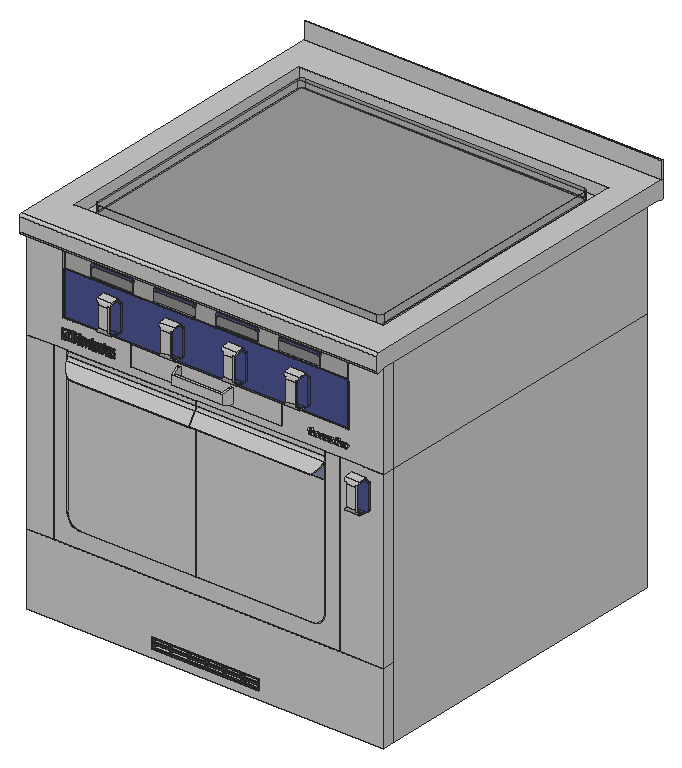
Revit family "QF_ELECTROLUXPROFESSIONAL_588467_MALQFBH4AO", category Attrezzature speciali, Revit 2020
Family settings
  Quota connettore circolare = Usa diametro
  Tipo di parte = Normale
  Basato su piano di lavoro = No
  Sempre verticale = Sì
  Taglio con vuoti quando caricato = No
  Condiviso = No
  Punto di calcolo locali = No
Parameters (values of type "Standard")
  Weight = 143.00 kg
  Watts = 14300 W
  Volts = 400 V
  URL Manufacturer = "https://www.electroluxprofessional.com/"
  URL = "https://www.electroluxprofessional.com/"
  Steam Supply Size = 0"
  Steam Supply Minimum Pressure = 0.00 psi
  Steam Supply Maximum Pressure = 0.00 psi
  Steam Consumption per Hour = 0
  Refrigeration Suction Line Size = 0 mm
  Refrigeration Liquid Line Size = 0 mm
  Refrigerant Compressor Remote = yes
  Prospetto di default = 0 mm
  Phase = 3
  Modello = "MALQFBH4AO"
  Produttore = "Electrolux Professional"
  Length Actual = 800 mm  # constant formula
  Item Number = "588467"
  Hot Water Size = 0"
  Height Actual = 800 mm  # constant formula
  HP = "19.2 HP"
  Gas Size = 0"
  Gas KW = 0
  Gas Input Pressure = 0.0 Btu/h
  Direct Waste Size = 0"
  Descrizione = "EL.SOLID T,ECO,WARM.CAB.1S,BS,800X800X8"
  Depth Actual = 800 mm  # constant formula
  Cycle = 50 Hz
  Condensate Return Size = 0"
  Compressed Air Volume = 0 GPM
  Compressed Air Size = 0"
  Compressed Air Pressure = 0.00 psi
  Cold Water Size = 0"
  Accessory = yes
Reference planes
  plane 1 "BACK": y = 0
  plane 2: z = 0
  plane 3 "LEFT": x = 0
  plane 4 "RIGHT": x = 800
  plane 5 "FRONT": y = -800
  plane 6 "TOP": z = 900
  plane 7 "Center (Left/Right)": x = 400
  plane 8: y = -400
  plane 9: z = 100
  plane 10: y = -150
  plane 11 "Panel": y = -755
  plane 12: z = 798
  plane 13: z = 1327
  plane 14: x = 78
  plane 15: x = 722
  plane 16: y = -150
  plane 17: y = -650
  plane 18 "EIx": x = 755
  plane 19 "EIy": y = -585
  plane 20: x = 380
  plane 21 "BASE_TOP": z = 650
  plane 22: x = 60
  plane 23: x = 700
  plane 24: z = 260
  plane 25: z = 938
Forms (mm)
  Extrusion 1, solid, material "QF_Finishes_Stainless Steel"
    sketch origin (-178.969, -4571, 100) x (-1, 0, 0) y (0, -1, 0)
      loop
        line (-178.969, -4526) -> (-178.969, -3816) -> (-978.969, -3816) -> (-978.969, -4526) -> (-178.969, -4526)
    from 550 to 763
  Extrusion 2, solid, material "QF_Finishes_Stainless Steel"
    sketch origin (0, 0, 0) x (0, 1, 0) y (0, 0, 1)
      loop
        line (-755, 100) -> (-755, 260) -> (-780, 260) -> (-780, 100) -> (-755, 100)
    from 0 to 800
  Extrusion 3, solid, material "QF_Finishes_Stainless Steel"
    sketch origin (-588.969, -4562, 100) x (-1, 0, 0) y (0, -1, 0)
      loop
        circle (-1343.969, -3977) r 6.35
    from 0 to -11.851
  Extrusion 4, solid, material "QF_Finishes_Stainless Steel"
    sketch origin (400, 296.4, 1219.2) x (0, 1, 0) y (0, 0, 1)
      loop
        line (-296.4, -319.2) -> (-1091.4, -319.2)
        arc (-1091.4, -319.2) -> (-1094.935, -320.664) -> (-1096.4, -324.2) r 5
        line (-1096.4, -324.2) -> (-1096.4, -355.2)
        arc (-1096.4, -355.2) -> (-1094.971, -358.264) -> (-1091.705, -359.139) r 4
        line (-1091.705, -359.139) -> (-1076.4, -356.231) -> (-316.4, -356.231) -> (-301.094, -359.139)
        arc (-301.094, -359.139) -> (-297.829, -358.264) -> (-296.4, -355.2) r 4
        line (-296.4, -355.2) -> (-296.4, -319.2)
    from -400 to 400
  Extrusion 5, solid, material "QF_Finishes_Electrolux_Black Smoke Iluminated"
    sketch origin (0, 0, 900) x (-1, 0, 0) y (0, -1, 0)
      loop
        arc (-88, 109) -> (-80.929, 111.929) -> (-78, 119) r 10
        line (-78, 119) -> (-78, 680)
        arc (-78, 680) -> (-80.929, 687.071) -> (-88, 690) r 10
        line (-88, 690) -> (-712, 690)
        arc (-712, 690) -> (-719.071, 687.071) -> (-722, 680) r 10
        line (-722, 680) -> (-722, 119)
        arc (-722, 119) -> (-719.071, 111.929) -> (-712, 109) r 10
        line (-712, 109) -> (-88, 109)
    from 0 to -20
  Extrusion 6, solid, material "QF_Finishes_Stainless Steel"
    sketch origin (-178.969, -4571, 100) x (-1, 0, 0) y (0, -1, 0)
      loop
        line (-178.969, -4526) -> (-178.969, -3816) -> (-978.969, -3816) -> (-978.969, -4526) -> (-178.969, -4526)
    from 550 to 0
  Extrusion 7, void
    sketch origin (0, -755, 0) x (-1, 0, 0) y (0, 0, 1)
      loop
        line (-520, 116.594) -> (-280, 116.594) -> (-280, 141.594) -> (-520, 141.594) -> (-520, 116.594)
    from 0 to -25
  Extrusion 8, solid, material "QF_Finishes_Black"
    sketch origin (0, -755, 0) x (-1, 0, 0) y (0, 0, 1)
      loop
        line (-280, 141.594) -> (-520, 141.594) -> (-520, 116.594) -> (-280, 116.594) -> (-280, 141.594)
      loop
        line (-282, 139.594) -> (-319.131, 139.594) -> (-319.131, 130.094) -> (-282, 130.094) -> (-282, 139.594)
      loop
        line (-282, 118.594) -> (-282, 128.094) -> (-319.131, 128.094) -> (-319.131, 118.594) -> (-282, 118.594)
      loop
        line (-321.131, 139.594) -> (-359.066, 139.594) -> (-359.066, 130.094) -> (-321.131, 130.094) -> (-321.131, 139.594)
      loop
        line (-399, 139.594) -> (-399, 130.094) -> (-361.066, 130.094) -> (-361.066, 139.594) -> (-399, 139.594)
      loop
        line (-401, 139.594) -> (-438.934, 139.594) -> (-438.934, 130.094) -> (-401, 130.094) -> (-401, 139.594)
      loop
        line (-359.066, 118.594) -> (-321.131, 118.594) -> (-321.131, 128.094) -> (-359.066, 128.094) -> (-359.066, 118.594)
      loop
        line (-361.066, 118.594) -> (-361.066, 128.094) -> (-399, 128.094) -> (-399, 118.594) -> (-361.066, 118.594)
      loop
        line (-401, 128.094) -> (-438.934, 128.094) -> (-438.934, 118.594) -> (-401, 118.594) -> (-401, 128.094)
      loop
        line (-518, 139.594) -> (-518, 130.094) -> (-480.869, 130.094) -> (-480.869, 139.594) -> (-518, 139.594)
      loop
        line (-518, 118.594) -> (-480.869, 118.594) -> (-480.869, 128.094) -> (-518, 128.094) -> (-518, 118.594)
      loop
        line (-478.869, 139.594) -> (-478.869, 130.094) -> (-440.934, 130.094) -> (-440.934, 139.594) -> (-478.869, 139.594)
      loop
        line (-440.934, 118.594) -> (-440.934, 128.094) -> (-478.869, 128.094) -> (-478.869, 118.594) -> (-440.934, 118.594)
    from -25.03 to -20
  Extrusion 9, void
    sketch origin (0, 0, 900) x (-1, 0, 0) y (0, -1, 0)
      loop
        line (-53, 715) -> (-747, 715) -> (-747, 84) -> (-53, 84) -> (-53, 715)
    from 0 to -25
  Extrusion 10, solid, material "QF_Finishes_Stainless Steel"
    sketch origin (0, 0, 900) x (-1, 0, 0) y (0, -1, 0)
      loop
        line (-82, 113) -> (-82, 686) -> (-718, 686) -> (-718, 113) -> (-82, 113)
    from -20 to -25
  Extrusion 11, solid, material "QF_Finishes_Stainless Steel"
    sketch origin (0, -755, 0) x (-1, 0, 0) y (0, 0, 1)
      loop
        line (0, 260) -> (0, 650) -> (-60, 650) -> (-60, 260) -> (0, 260)
    from 0 to -25.03
  Extrusion 12, solid, material "QF_Finishes_Stainless Steel"
    sketch origin (0, -755, 0) x (-1, 0, 0) y (0, 0, 1)
      loop
        line (-700, 260) -> (-700, 650) -> (-800, 650) -> (-800, 260) -> (-700, 260)
    from 0 to -25.03
  Extrusion 13, solid, material "QF_Finishes_Stainless Steel"
    sketch origin (70, -755, 0) x (-1, 0, 0) y (0, 0, 1)
      loop
        line (10, 260) -> (10, 650) -> (-20, 650) -> (-20, 325)
        arc (-20, 325) -> (-28.787, 303.787) -> (-50, 295) r 30
        line (-50, 295) -> (-570, 295)
        arc (-570, 295) -> (-591.213, 303.787) -> (-600, 325) r 30
        line (-600, 325) -> (-600, 650) -> (-630, 650) -> (-630, 260) -> (10, 260)
    from 0 to -25.03
  Extrusion 14, solid, material "QF_Finishes_Stainless Steel"
    sketch origin (400, 296.4, 1219.2) x (0, 1, 0) y (0, 0, 1)
      loop
        line (-296.4, -281.2) -> (-298.4, -281.2) -> (-298.4, -319.2) -> (-296.4, -319.2) -> (-296.4, -281.2)
    from -400 to 400
Cuts and joins
  Extrusion 7 cuts Extrusion 6
  Extrusion 7 cuts Extrusion 2
  Extrusion 9 cuts Extrusion 4
Lines and regions (mm)
  symbolic lines
    curve 1: line (0, 0, 100) -> (800, 0, 100)
    curve 2: line (0, -800, 100) -> (0, 0, 100)
    curve 3: line (800, -800, 100) -> (0, -800, 100)
    curve 4: line (800, 0, 100) -> (800, -800, 100)
    curve 5: line (712, -109, 100) -> (88, -109, 100)
    curve 6: line (78, -119, 100) -> (78, -680, 100)
    curve 7: line (88, -690, 100) -> (712, -690, 100)
    curve 8: line (722, -680, 100) -> (722, -119, 100)
    curve 9: arc (88, -109, 100) -> (80.929, -111.929, 100) -> (78, -119, 100) r 10
    curve 10: arc (722, -119, 100) -> (719.071, -111.929, 100) -> (712, -109, 100) r 10
    curve 11: arc (712, -690, 100) -> (719.071, -687.071, 100) -> (722, -680, 100) r 10
    curve 12: arc (78, -680, 100) -> (80.929, -687.071, 100) -> (88, -690, 100) r 10
    curve 13: line (747, -84, 900) -> (53, -84, 900)
    curve 14: line (53, -84, 900) -> (53, -715, 900)
    curve 15: line (747, -715, 900) -> (747, -84, 900)
    curve 16: line (53, -715, 900) -> (747, -715, 900)
    curve 33: line (0, -2, 900) -> (800, -2, 900)
  model lines, style "SpecialityEquipment"
    curve 17: arc (584, -161, 900) -> (530.967, -289.033, 900) -> (659, -236, 900) r 75
    curve 18: line (639, -236, 900) -> (679, -236, 900)
    curve 19: line (679, -236, 900) -> (659, -216, 900)
    curve 20: line (639, -236, 900) -> (659, -216, 900)
    curve 21: arc (216, -161, 900) -> (162.967, -289.033, 900) -> (291, -236, 900) r 75
    curve 22: line (271, -236, 900) -> (311, -236, 900)
    curve 23: line (311, -236, 900) -> (291, -216, 900)
    curve 24: line (271, -236, 900) -> (291, -216, 900)
    curve 25: arc (584, -489, 900) -> (530.967, -617.033, 900) -> (659, -564, 900) r 75
    curve 26: line (639, -564, 900) -> (679, -564, 900)
    curve 27: line (679, -564, 900) -> (659, -544, 900)
    curve 28: line (639, -564, 900) -> (659, -544, 900)
    curve 29: arc (216, -489, 900) -> (162.967, -617.033, 900) -> (291, -564, 900) r 75
    curve 30: line (271, -564, 900) -> (311, -564, 900)
    curve 31: line (311, -564, 900) -> (291, -544, 900)
    curve 32: line (271, -564, 900) -> (291, -544, 900)
Dimensions and locks
  plane 3 "LEFT" to plane 4 "RIGHT" = 800 mm
  plane 5 "FRONT" to plane 1 "BACK" = 800 mm
  equal spacing: plane 3 "LEFT", plane 7 "Center (Left/Right)", plane 4 "RIGHT"
  equal spacing: plane 5 "FRONT", plane 8, plane 1 "BACK"
  plane 9 to level = 100 mm
  plane 1 "BACK" to plane 10 to plane 11 "Panel" = 150 mm, 605 mm  (x2)
  plane 6 "TOP" to plane 9 to level = 800 mm, 100 mm
  plane 6 "TOP" to level = 900 mm
  plane 1 "BACK" to plane 5 "FRONT" = 800 mm
  plane 1 "BACK" to Extrusion 3 = 585 mm
  plane 12 to plane 9 = 698 mm
  plane 13 to plane 6 "TOP" = 427 mm
  plane 6 "TOP" to plane 12 = 102 mm
  plane 14 to plane 3 "LEFT" = 78 mm
  plane 15 to plane 4 "RIGHT" = 78 mm
  locked: plane 1 "BACK" to plane 16 at 150
  locked: plane 16 to plane 17 at 500
  plane 11 "Panel" to plane 5 "FRONT" = 45 mm
  plane 18 "EIx" to plane 4 "RIGHT" = 45 mm
  plane 19 "EIy" to plane 1 "BACK" = 585 mm
  plane 7 "Center (Left/Right)" to plane 20 = 20 mm
  locked: plane 22 to plane 3 "LEFT" at 60
  plane 23 to plane 4 "RIGHT" = 100 mm
  plane 6 "TOP" to plane 21 "BASE_TOP" to plane 9 to level = 250 mm, 550 mm, 100 mm
  plane 1 "BACK" to Extrusion 14 sketch curve = 2 mm
  plane 25 to plane 6 "TOP" = 38 mm
  aligned and locked: level to plane 2
  aligned and locked: Extrusion 2 to plane 4 "RIGHT"
  aligned and locked: Extrusion 12 to plane 4 "RIGHT"
  aligned and locked: Extrusion 12 to plane 23
  aligned and locked: plane 21 "BASE_TOP" to Extrusion 12
  aligned and locked: Extrusion 12 to plane 24
  aligned and locked: Extrusion 11 to plane 3 "LEFT"
  aligned and locked: plane 22 to Extrusion 11
  aligned and locked: Extrusion 11 to plane 24
  aligned and locked: Extrusion 13 sketch curve to plane 22
  aligned and locked: Extrusion 13 sketch curve to plane 23
  aligned and locked: Extrusion 13 sketch curve to plane 21 "BASE_TOP"
  aligned and locked: plane 6 "TOP" to Extrusion 14 sketch curve
  aligned and locked: Extrusion 14 sketch curve to plane 25
  aligned and locked: Extrusion 14 to plane 3 "LEFT"
  aligned and locked: Extrusion 14 to plane 4 "RIGHT"
  aligned and locked: plane 24 to cut or joined group of Extrusion 2, Extrusion 7
Automatic sketch dimensions
  Extrusion 1 sketch curve to plane 4 "RIGHT" = 0 mm
  Extrusion 1 sketch curve to plane 3 "LEFT" = 0 mm
  plane 11 "Panel" to Extrusion 1 sketch curve = 0 mm
  plane 1 "BACK" to Extrusion 1 sketch curve = 45 mm
  Extrusion 2 sketch curve to plane 9 = 0 mm
  Extrusion 2 sketch curve to plane 11 "Panel" = 0 mm
  plane 24 to Extrusion 2 sketch curve = 0 mm
  Extrusion 2 sketch curve to plane 5 "FRONT" = 20 mm
  plane 1 "BACK" to curve 1 = 0 mm
  curve 1 to plane 4 "RIGHT" = 0 mm
  curve 8 to plane 15 = 0 mm
  curve 6 to plane 14 = 0 mm
  curve 2 to plane 3 "LEFT" = 0 mm
  plane 5 "FRONT" to curve 3 = 0 mm
  plane 15 to curve 5 = 10 mm
  curve 11 to curve 11 = 10 mm
  curve 5 to plane 14 = 10 mm
  curve 12 to curve 6 = 10 mm
  plane 10 to curve 5 = 41 mm
  plane 17 to curve 11 = 30 mm
  Extrusion 3 sketch curve to plane 18 "EIx" = 0 mm
  Extrusion 3 sketch curve to plane 19 "EIy" = 0 mm
  Extrusion 4 sketch curve to plane 5 "FRONT" = 0 mm
  Extrusion 4 sketch curve to plane 6 "TOP" = 0 mm
  Extrusion 4 sketch curve to plane 1 "BACK" = 0 mm
  Extrusion 4 sketch curve to plane 5 "FRONT" = 4 mm
  Extrusion 4 sketch curve to Extrusion 4 sketch curve = 0.695 mm
  Extrusion 4 sketch curve to plane 5 "FRONT" = 5 mm
  Extrusion 4 sketch curve to Extrusion 4 sketch curve = 15.305 mm
  plane 1 "BACK" to Extrusion 4 sketch curve = 20 mm
  plane 1 "BACK" to Extrusion 4 sketch curve = 4.695 mm
  Extrusion 4 sketch curve to Extrusion 4 sketch curve = 4 mm
  Extrusion 4 sketch curve to Extrusion 4 sketch curve = 31 mm
  Extrusion 4 sketch curve to plane 6 "TOP" = 36 mm
  Extrusion 4 sketch curve to Extrusion 4 sketch curve = 2.909 mm
  Extrusion 5 sketch curve to plane 15 = 0 mm
  Extrusion 5 sketch curve to plane 14 = 0 mm
  plane 15 to Extrusion 5 sketch curve = 10 mm  (x2)
  Extrusion 5 sketch curve to Extrusion 5 sketch curve = 10 mm  (x2)
  plane 10 to Extrusion 5 sketch curve = 41 mm
  plane 17 to Extrusion 5 sketch curve = 30 mm
  Extrusion 6 sketch curve to plane 4 "RIGHT" = 0 mm
  Extrusion 6 sketch curve to plane 3 "LEFT" = 0 mm
  plane 11 "Panel" to Extrusion 6 sketch curve = 0 mm
  plane 1 "BACK" to Extrusion 6 sketch curve = 45 mm
  plane 9 to Extrusion 7 sketch curve = 41.594 mm
  plane 7 "Center (Left/Right)" to Extrusion 7 sketch curve = 120 mm
  Extrusion 7 sketch curve to plane 20 = 100 mm
  plane 9 to Extrusion 7 sketch curve = 16.594 mm
  plane 9 to Extrusion 8 sketch curve = 41.594 mm
  plane 7 "Center (Left/Right)" to Extrusion 8 sketch curve = 120 mm
  Extrusion 8 sketch curve to Extrusion 8 sketch curve = 2 mm  (x16)
  Extrusion 8 sketch curve to Extrusion 8 sketch curve = 0 mm  (x15)
  Extrusion 8 sketch curve to Extrusion 8 sketch curve = 37.131 mm  (x2)
  Extrusion 8 sketch curve to Extrusion 8 sketch curve = 37.934 mm  (x2)
  plane 7 "Center (Left/Right)" to Extrusion 8 sketch curve = 1 mm  (x2)
  Extrusion 8 sketch curve to plane 7 "Center (Left/Right)" = 1 mm  (x2)
  Extrusion 8 sketch curve to plane 20 = 18.934 mm
  plane 9 to Extrusion 8 sketch curve = 18.594 mm  (x4)
  Extrusion 8 sketch curve to Extrusion 8 sketch curve = 9.5 mm  (x6)
  plane 18 "EIx" to Extrusion 9 sketch curve = 8 mm
  Extrusion 9 sketch curve to plane 22 = 7 mm
  plane 10 to Extrusion 9 sketch curve = 66 mm
  plane 11 "Panel" to Extrusion 9 sketch curve = 40 mm
  plane 15 to Extrusion 10 sketch curve = 4 mm
  Extrusion 10 sketch curve to plane 14 = 4 mm
  plane 10 to Extrusion 10 sketch curve = 37 mm
  plane 17 to Extrusion 10 sketch curve = 36 mm
  plane 18 "EIx" to curve 16 = 8 mm
  curve 19 to plane 23 = 21 mm
  curve 27 to plane 23 = 21 mm
  curve 26 to curve 27 = 20 mm
  curve 18 to curve 20 = 20 mm
  curve 19 to curve 20 = 20 mm
  curve 27 to curve 26 = 20 mm
  curve 18 to curve 17 = 55 mm
  curve 26 to curve 25 = 55 mm
  curve 31 to plane 20 = 69 mm
  curve 23 to plane 20 = 69 mm
  curve 22 to curve 24 = 20 mm
  curve 30 to curve 31 = 20 mm
  curve 31 to curve 32 = 20 mm
  curve 23 to curve 24 = 20 mm
  curve 22 to curve 21 = 55 mm
  curve 30 to curve 29 = 55 mm
  curve 14 to plane 22 = 7 mm
  curve 22 to plane 10 = 86 mm
  curve 18 to plane 10 = 86 mm
  plane 10 to curve 13 = 66 mm
  plane 11 "Panel" to curve 15 = 40 mm
  curve 25 to curve 26 = 20 mm
  curve 17 to curve 18 = 20 mm
  curve 29 to curve 30 = 20 mm
  curve 21 to curve 22 = 20 mm
  Extrusion 11 sketch curve to plane 22 = 0 mm
  Extrusion 11 sketch curve to plane 3 "LEFT" = 0 mm
  Extrusion 11 sketch curve to plane 24 = 0 mm
  Extrusion 11 sketch curve to plane 21 "BASE_TOP" = 0 mm
  plane 4 "RIGHT" to Extrusion 12 sketch curve = 0 mm
  Extrusion 12 sketch curve to plane 21 "BASE_TOP" = 0 mm
  Extrusion 12 sketch curve to plane 23 = 0 mm
  Extrusion 12 sketch curve to plane 24 = 0 mm
  Extrusion 13 sketch curve to plane 21 "BASE_TOP" = 0 mm
  Extrusion 13 sketch curve to plane 24 = 0 mm
  Extrusion 13 sketch curve to plane 23 = 30 mm
  Extrusion 13 sketch curve to Extrusion 13 sketch curve = 30 mm
  Extrusion 13 sketch curve to plane 14 = 42 mm
  Extrusion 13 sketch curve to plane 14 = 12 mm
  plane 24 to Extrusion 13 sketch curve = 35 mm
  Extrusion 14 sketch curve to plane 1 "BACK" = 0 mm
  plane 19 "EIy" to curve 31 = 21 mm
  plane 19 "EIy" to curve 27 = 41 mm
  radius of Extrusion 3 sketch curve = 6.35 mm
Nested families
  nested 1: "FIT Range Control Handle" at (745, -783.167, -372.751), type "FIT Range Control Handle"
  nested 2: "Front_Panel_W800_Four Knobs" at (202.376, -755, 0), type "Front_Panel_W800_Four Knobs"
  nested 3: "H450H2_2DOOR" at (343.958, -755, 200) x (1, 0, 0) z (0, -1, 0), type "H450H2_2DOOR"
    with Width 580 mm, Wdoor 290 mm, Show Clearance yes
  nested 4: "Warm" at (800, -800, 900), type "Warm"
Connectors
  electrical at (755, -585, 88.149)
    settings: on Extrusion 3, index 1, voltage 400 V, apparent load 33000 VA, apparent load phase1 0 VA, apparent load phase2 0 VA, apparent load phase3 0 VA, power factor 1, load classification "Other", number of poles 1, system type 30, power factor state 1, is connector primary yes, connector utility no, sub classification motor no, connector description "ELECTRICAL CONNECTION"
Definition of nested family "FIT Range Control Handle"
  Parameters
    Default Elevation = 0 mm
  Reference planes
    plane 1 "Center (Front/Back)": y = 0
    plane 2: z = 0
    plane 3 "Center (Left/Right)": x = 0
    plane 4: z = 971.092
    plane 5: y = -16.8
  Forms (mm)
    Extrusion 1, solid
      sketch origin (-746.28, 380.497, 208.931) x (-1, 0, 0) y (0, 0, 1)
        loop
          line (-770.101, 786.798) -> (-770.101, 731.649)
          arc (-770.101, 731.649) -> (-769.759, 730.563) -> (-768.855, 729.87) r 1.893
          line (-768.855, 729.87) -> (-763.474, 727.911) -> (-729.81, 727.911) -> (-724.428, 729.87)
          arc (-724.428, 729.87) -> (-723.525, 730.563) -> (-723.183, 731.649) r 1.893
          line (-723.183, 731.649) -> (-723.183, 786.798)
          arc (-723.183, 786.798) -> (-723.529, 787.894) -> (-724.44, 788.593) r 1.91
          line (-724.44, 788.593) -> (-729.683, 790.819) -> (-763.601, 790.819) -> (-768.844, 788.593)
          arc (-768.844, 788.593) -> (-769.755, 787.894) -> (-770.101, 786.798) r 1.91
      from -382.35 to -378.852
    Sweep 2, solid
      path origin (-746.788, 380.496, 208.091) x (0, -1, 0) y (0, 0, 1)
        loop
          line (379.775, 793.281) -> (395.661, 791.048)
          arc (395.661, 791.048) -> (397.781, 787.377) -> (398.517, 783.202) r 12.207
          line (398.517, 783.202) -> (398.517, 737.368)
          arc (398.517, 737.368) -> (397.781, 733.193) -> (395.661, 729.522) r 12.207
          line (395.661, 729.522) -> (379.775, 727.289)
      profile origin (-746.788, -7.222, 1000.256) x (0, -0.139173, 0.990268) y (-1, 0, 0)
        loop
          line (0.782, -763.123) -> (0.782, -730.907) -> (-1.322, -730.907) -> (-1.322, -763.123) -> (0.782, -763.123)
    Sweep 3, solid
      path origin (-746.788, 380.715, 207.832) x (0, -1, 0) y (0, 0, 1)
        loop
          line (380.478, 795.442) -> (397.218, 793.09)
          arc (397.218, 793.09) -> (399.929, 788.473) -> (400.871, 783.202) r 15.207
          line (400.871, 783.202) -> (400.871, 737.584)
          arc (400.871, 737.584) -> (399.914, 732.274) -> (397.164, 727.633) r 15.207
          line (397.164, 727.633) -> (380.601, 725.305)
      profile origin (-746.788, -8.132, 1002.099) x (0, -0.139173, 0.990268) y (-1, 0, 0)
        loop
          line (0.782, -763.123) -> (0.782, -730.907) -> (-1.322, -730.907) -> (-1.322, -763.123) -> (0.782, -763.123)
    Extrusion 4, void
      sketch origin (889.253, 220.666, 207.993) x (1, 0, 0) y (0, 0, 1)
        loop
          line (-943.038, 816.854) -> (-943.038, 703.686) -> (-899.466, 734.196) -> (-899.466, 786.344) -> (-943.038, 816.854)
      from 230.636 to 242.25
    Extrusion 5, void
      sketch origin (-888.8, 220.666, 207.993) x (-1, 0, 0) y (0, 0, -1)
        loop
          line (-943.038, -816.854) -> (-899.466, -786.344) -> (-899.466, -734.196) -> (-943.038, -703.686) -> (-943.038, -816.854)
      from 230.636 to 242.25
    Extrusion 6, solid
      sketch origin (0, 0, 0) x (1, 0, 0) y (0, 0, 1)
        loop
          circle (0, 971.092) r 7.736
      from -3.137 to -1.645
  Cuts and joins
    Extrusion 4, Extrusion 5 cuts Sweep 3
    Extrusion 4, Extrusion 5 cuts Sweep 2
    joined: Extrusion 1, Extrusion 6
  Lines and regions (mm)
    symbolic lines
      curve 1: line (-15.881, -19.189, 0) -> (-15.881, -16.8, 0)
      curve 2: line (16.334, -19.189, 0) -> (16.334, -16.8, 0)
      curve 3: spline (-15.881, -19.189, 0) -> (-15.417, -19.349, 0) -> (-14.951, -19.501, 0) -> (-14.483, -19.646, 0) -> (-14.014, -19.783, 0) -> (-13.543, -19.912, 0) -> (-13.071, -20.033, 0) -> (-12.597, -20.146, 0) -> (-12.122, -20.251, 0) -> (-11.646, -20.349, 0) -> (-11.169, -20.438, 0) -> (-10.691, -20.52, 0) -> (-10.213, -20.593, 0)
      curve 4: spline (10.666, -20.593, 0) -> (11.144, -20.52, 0) -> (11.622, -20.438, 0) -> (12.099, -20.349, 0) -> (12.575, -20.251, 0) -> (13.05, -20.146, 0) -> (13.524, -20.033, 0) -> (13.996, -19.912, 0) -> (14.467, -19.783, 0) -> (14.936, -19.646, 0) -> (15.404, -19.501, 0) -> (15.87, -19.349, 0) -> (16.334, -19.189, 0)
      curve 5: line (-10.213, -20.938, 0) -> (10.716, -20.938, 0)
  Dimensions and locks
    cut or joined group of Sweep 3, Extrusion 4, Extrusion 5 to cut or joined group of Sweep 3, Extrusion 4, Extrusion 5 = 71.686 mm
Definition of nested family "Front_Panel_W800_Four Knobs"
  Parameters
    Default Elevation = 0 mm
  Reference planes
    plane 1 "Center (Front/Back)": y = 0
    plane 2: z = 0
    plane 3 "Center (Left/Right)": x = 197.624
    plane 4 "Left": x = -202.376
    plane 5 "Right": x = 597.624
    plane 6: y = -45
    plane 7: x = -12.376
    plane 8: x = 127.624
    plane 9: y = -310
    plane 10: y = -25
    plane 11: x = 517.624
    plane 12: x = -122.376
  Forms (mm)
    Extrusion 1, solid
      sketch origin (833.217, 829.203, -1.25) x (0, 1, 0) y (0, 0, 1)
        loop
          line (-854.203, 651.25) -> (-829.203, 651.25) -> (-829.203, 864.25) -> (-854.203, 864.25) -> (-854.203, 651.25)
      from -1035.593 to -235.593
    Extrusion 2, void
      sketch origin (0, 0, 0) x (1, 0, 0) y (0, 0, 1)
        loop
          line (-122.376, 853.866) -> (-122.376, 711.866) -> (517.624, 711.866) -> (517.624, 853.866) -> (-122.376, 853.866)
      from 19.387 to 33.951
    Extrusion 3, void
      sketch origin (0, 0, 0) x (1, 0, 0) y (0, 0, 1)
        loop
          line (30.124, 711.866) -> (30.124, 666.866) -> (370.124, 666.866) -> (370.124, 711.866) -> (30.124, 711.866)
      from 19.387 to 25
    Extrusion 4, solid
      sketch origin (0, 0, 0) x (1, 0, 0) y (0, 0, 1)
        loop
          line (31.124, 710.866) -> (31.124, 667.866) -> (369.124, 667.866) -> (369.124, 710.866) -> (31.124, 710.866)
      from 19.387 to 25
    Extrusion 5, solid
      sketch origin (0, 0, 0) x (1, 0, 0) y (0, 1, 0)
        loop
          line (141.059, -25) -> (135.966, -25) -> (140.646, -49.075) -> (254.603, -49.075) -> (259.283, -25) -> (254.189, -25) -> (250.481, -44.075) -> (144.767, -44.075) -> (141.059, -25)
      from 672.593 to 705.67
    Extrusion 6, void
      sketch origin (197.624, 0, 0) x (0, 1, 0) y (0, 0, 1)
        loop
          line (-30, 705.67) -> (-30, 710.67) -> (-56.744, 710.67) -> (-56.744, 667.593) -> (-30, 667.593) -> (-30, 672.593) -> (-53.776, 680.318) -> (-53.776, 697.945) -> (-30, 705.67)
      from -70 to 70
    Extrusion 7, solid, detail levels coarse
      sketch origin (0, -265, 0) x (1, 0, 0) y (0, 1, 0)
        loop
          line (140.646, -69.075) -> (254.603, -69.075) -> (259.283, -45) -> (364.124, -45) -> (364.124, 240) -> (31.124, 240) -> (31.124, -45) -> (135.966, -45) -> (140.646, -69.075)
      from 672.593 to 705.67
    Extrusion 8, void
      sketch origin (197.624, -280, 0) x (0, 1, 0) y (0, 0, 1)
        loop
          line (-30, 705.67) -> (-30, 710.67) -> (-56.744, 710.67) -> (-56.744, 667.593) -> (-30, 667.593) -> (-30, 672.593) -> (-53.776, 680.318) -> (-53.776, 697.945) -> (-30, 705.67)
      from -70 to 70
  Cuts and joins
    Extrusion 2, Extrusion 3 cuts Extrusion 1
    Extrusion 6, Extrusion 8 cuts Extrusion 5
    Extrusion 8 cuts Extrusion 7
  Lines and regions (mm)
    symbolic lines
      curve 1: line (31.124, -45, 0) -> (31.124, -310, 0)
      curve 2: line (31.124, -310, 0) -> (364.124, -310, 0)
      curve 3: line (135.966, -310, 0) -> (140.646, -334.075, 0)
      curve 4: line (140.646, -334.075, 0) -> (254.603, -334.075, 0)
      curve 5: line (254.603, -334.075, 0) -> (259.283, -310, 0)
      curve 6: line (364.124, -310, 0) -> (364.124, -45, 0)
      curve 7: line (31.124, -300, 0) -> (364.124, -300, 0)
      curve 8: line (140.874, -309.046, 0) -> (144.767, -329.075, 0)
      curve 9: line (144.767, -329.075, 0) -> (250.481, -329.075, 0)
      curve 10: line (250.481, -329.075, 0) -> (254.375, -309.046, 0)
  Dimensions and locks
    equal spacing: plane 5 "Right", plane 3 "Center (Left/Right)", plane 4 "Left"
    plane 5 "Right" to plane 4 "Left" = 800 mm
    plane 3 "Center (Left/Right)" to plane 7 = 210 mm
    plane 3 "Center (Left/Right)" to plane 8 = 70 mm
    plane 6 to plane 9 = 265 mm
    aligned and locked: cut or joined group of Extrusion 1, Extrusion 2, Extrusion 3 to plane 4 "Left"
    aligned and locked: plane 5 "Right" to cut or joined group of Extrusion 1, Extrusion 2, Extrusion 3
    aligned and locked: plane 3 "Center (Left/Right)" to nested 2
    aligned and locked: cut or joined group of Extrusion 1, Extrusion 2, Extrusion 3 to nested 2
  Automatic sketch dimensions
    plane 7 to Extrusion 3 sketch curve = 42.5 mm
    plane 3 "Center (Left/Right)" to Extrusion 3 sketch curve = 172.5 mm
    level to Extrusion 3 sketch curve = 666.866 mm
    Extrusion 3 sketch curve to Extrusion 3 sketch curve = 45 mm
    plane 7 to Extrusion 4 sketch curve = 43.5 mm
    plane 3 "Center (Left/Right)" to Extrusion 4 sketch curve = 171.5 mm
    level to Extrusion 4 sketch curve = 667.866 mm
    Extrusion 4 sketch curve to Extrusion 4 sketch curve = 43 mm
    plane 8 to Extrusion 5 sketch curve = 8.342 mm
    plane 6 to Extrusion 5 sketch curve = 4.075 mm
    plane 8 to Extrusion 5 sketch curve = 13.021 mm
    Extrusion 5 sketch curve to Extrusion 5 sketch curve = 5.094 mm  (x2)
    Extrusion 5 sketch curve to plane 6 = 0.925 mm
    Extrusion 5 sketch curve to Extrusion 5 sketch curve = 4.122 mm  (x2)
    plane 3 "Center (Left/Right)" to Extrusion 5 sketch curve = 52.857 mm
    Extrusion 5 sketch curve to plane 6 = 20 mm  (x2)
    Extrusion 5 sketch curve to Extrusion 5 sketch curve = 3.708 mm
    plane 6 to Extrusion 6 sketch curve = 11.744 mm
    plane 6 to Extrusion 6 sketch curve = 8.776 mm
    Extrusion 6 sketch curve to plane 6 = 15 mm  (x2)
    level to Extrusion 6 sketch curve = 667.593 mm
    Extrusion 6 sketch curve to Extrusion 6 sketch curve = 5 mm
    Extrusion 6 sketch curve to Extrusion 6 sketch curve = 12.725 mm  (x2)
    Extrusion 6 sketch curve to Extrusion 6 sketch curve = 17.627 mm
    Extrusion 6 sketch curve to Extrusion 6 sketch curve = 7.725 mm
    Extrusion 8 sketch curve to plane 9 = 26.744 mm
    Extrusion 8 sketch curve to plane 9 = 23.776 mm
    plane 9 to Extrusion 8 sketch curve = 0 mm  (x2)
    level to Extrusion 8 sketch curve = 667.593 mm
    Extrusion 8 sketch curve to Extrusion 8 sketch curve = 5 mm
    Extrusion 8 sketch curve to Extrusion 8 sketch curve = 12.725 mm  (x2)
    Extrusion 8 sketch curve to Extrusion 8 sketch curve = 17.627 mm
    Extrusion 8 sketch curve to Extrusion 8 sketch curve = 7.725 mm
    plane 9 to Extrusion 7 sketch curve = 0 mm  (x2)
    plane 7 to Extrusion 7 sketch curve = 43.5 mm
    plane 8 to Extrusion 7 sketch curve = 8.342 mm
    Extrusion 7 sketch curve to plane 9 = 24.075 mm
    plane 8 to Extrusion 7 sketch curve = 13.021 mm
    Extrusion 7 sketch curve to Extrusion 7 sketch curve = 104.842 mm
    Extrusion 7 sketch curve to plane 6 = 20 mm
    plane 3 "Center (Left/Right)" to Extrusion 7 sketch curve = 56.979 mm
    Extrusion 7 sketch curve to Extrusion 7 sketch curve = 4.68 mm
    Extrusion 1 sketch curve to plane 1 "Center (Front/Back)" = 0 mm
    level to Extrusion 1 sketch curve = 650 mm
    plane 4 "Left" to Extrusion 2 sketch curve = 80 mm
    Extrusion 2 sketch curve to plane 5 "Right" = 80 mm
    level to Extrusion 2 sketch curve = 711.866 mm
    Extrusion 2 sketch curve to Extrusion 2 sketch curve = 142 mm
    plane 6 to curve 1 = 0 mm
    plane 6 to curve 6 = 0 mm
    plane 9 to curve 1 = 0 mm
    plane 7 to curve 1 = 43.5 mm
    curve 4 to plane 9 = 24.075 mm
    plane 8 to curve 4 = 13.021 mm
    curve 3 to curve 8 = 4.122 mm
    plane 3 "Center (Left/Right)" to curve 4 = 56.979 mm
    curve 4 to curve 2 = 109.521 mm
    plane 8 to curve 3 = 8.342 mm
    curve 3 to curve 8 = 4.908 mm
    curve 9 to curve 4 = 4.122 mm
    curve 10 to plane 9 = 19.075 mm
    curve 9 to curve 5 = 8.801 mm
    plane 9 to curve 10 = 0.954 mm
    curve 10 to curve 5 = 4.908 mm
    curve 3 to curve 8 = 0.954 mm
    curve 1 to curve 7 = 10 mm
    Extrusion 1 sketch curve to plane 6 = 20 mm
    Extrusion 1 sketch curve to Extrusion 1 sketch curve = 213 mm
  Nested families
    nested 1: "Range Control Handle" at (-12.376, -28.137, -209.113) x (-1, 0, 0) z (0, 0, 1), type "Range Control Handle"
    nested 2: "Front glass control panel W800" at (197.624, 280.644, 2.752), type "Front glass control panel W800"
    nested 3: "Range Control Handle" at (127.624, -28.137, -209.113) x (-1, 0, 0) z (0, 0, 1), type "Range Control Handle"
    nested 4: "Range Control Handle" at (407.624, -28.137, -209.113), type "Range Control Handle"
    nested 5: "Range Control Handle" at (267.624, -28.137, -209.113), type "Range Control Handle"
    nested 6: "ELX_ThermaLine_Small" at (468.838, -25, 679.426) x (1, 0, 0) z (0, -1, 0), type "ELX_ThermaLine_Small"
      with Show Logo yes, Material_Logo none
    nested 7: "ELX_Professional_Logo_Small" at (-62.89, -25, 681.659) x (1, 0, 0) z (0, -1, 0), type "ELX_Professional_Logo_Small"
      with Show Logo yes, Material_Logo none
  Definition of nested family "Range Control Handle"
    Parameters
      Default Elevation = 0 mm
    Reference planes
      plane 1 "Center (Front/Back)": y = 0
      plane 2: z = 0
      plane 3 "Center (Left/Right)": x = 0
      plane 4: z = 971.092
      plane 5: y = -16.9
    Forms (mm)
      Extrusion 1, solid
        sketch origin (-746.28, 380.497, 208.931) x (-1, 0, 0) y (0, 0, 1)
          loop
            line (-770.101, 786.798) -> (-770.101, 731.649)
            arc (-770.101, 731.649) -> (-769.759, 730.563) -> (-768.855, 729.87) r 1.893
            line (-768.855, 729.87) -> (-763.474, 727.911) -> (-729.81, 727.911) -> (-724.428, 729.87)
            arc (-724.428, 729.87) -> (-723.525, 730.563) -> (-723.183, 731.649) r 1.893
            line (-723.183, 731.649) -> (-723.183, 786.798)
            arc (-723.183, 786.798) -> (-723.529, 787.894) -> (-724.44, 788.593) r 1.91
            line (-724.44, 788.593) -> (-729.683, 790.819) -> (-763.601, 790.819) -> (-768.844, 788.593)
            arc (-768.844, 788.593) -> (-769.755, 787.894) -> (-770.101, 786.798) r 1.91
        from -382.35 to -378.852
      Sweep 2, solid
        path origin (-746.788, 380.496, 208.091) x (0, -1, 0) y (0, 0, 1)
          loop
            line (379.775, 793.281) -> (395.661, 791.048)
            arc (395.661, 791.048) -> (397.781, 787.377) -> (398.517, 783.202) r 12.207
            line (398.517, 783.202) -> (398.517, 737.368)
            arc (398.517, 737.368) -> (397.781, 733.193) -> (395.661, 729.522) r 12.207
            line (395.661, 729.522) -> (379.775, 727.289)
        profile origin (-746.788, -7.222, 1000.256) x (0, -0.139173, 0.990268) y (-1, 0, 0)
          loop
            line (0.782, -763.123) -> (0.782, -730.907) -> (-1.322, -730.907) -> (-1.322, -763.123) -> (0.782, -763.123)
      Sweep 3, solid
        path origin (-746.788, 380.715, 207.832) x (0, -1, 0) y (0, 0, 1)
          loop
            line (380.478, 795.442) -> (397.218, 793.09)
            arc (397.218, 793.09) -> (399.929, 788.473) -> (400.871, 783.202) r 15.207
            line (400.871, 783.202) -> (400.871, 737.584)
            arc (400.871, 737.584) -> (399.914, 732.274) -> (397.164, 727.633) r 15.207
            line (397.164, 727.633) -> (380.601, 725.305)
        profile origin (-746.788, -8.132, 1002.099) x (0, -0.139173, 0.990268) y (-1, 0, 0)
          loop
            line (0.782, -763.123) -> (0.782, -730.907) -> (-1.322, -730.907) -> (-1.322, -763.123) -> (0.782, -763.123)
      Extrusion 4, void
        sketch origin (889.253, 220.666, 207.993) x (1, 0, 0) y (0, 0, 1)
          loop
            line (-943.038, 816.854) -> (-943.038, 703.686) -> (-899.466, 734.196) -> (-899.466, 786.344) -> (-943.038, 816.854)
        from 230.636 to 242.25
      Extrusion 5, void
        sketch origin (-888.8, 220.666, 207.993) x (-1, 0, 0) y (0, 0, -1)
          loop
            line (-943.038, -816.854) -> (-899.466, -786.344) -> (-899.466, -734.196) -> (-943.038, -703.686) -> (-943.038, -816.854)
        from 230.636 to 242.25
      Extrusion 6, solid
        sketch origin (0, 0, 0) x (1, 0, 0) y (0, 0, 1)
          loop
            circle (0, 971.092) r 7.736
        from -3.137 to -1.645
    Cuts and joins
      Extrusion 4, Extrusion 5 cuts Sweep 3
      Extrusion 4, Extrusion 5 cuts Sweep 2
      joined: Extrusion 1, Extrusion 6
    Lines and regions (mm)
      symbolic lines
        curve 1: line (16.334, -16.9, 0) -> (16.334, -19.227, 0)
        curve 2: spline (16.334, -19.227, 0) -> (15.87, -19.385, 0) -> (15.404, -19.536, 0) -> (14.936, -19.678, 0) -> (14.466, -19.813, 0) -> (13.995, -19.94, 0) -> (13.523, -20.059, 0) -> (13.049, -20.171, 0) -> (12.575, -20.274, 0) -> (12.099, -20.37, 0) -> (11.622, -20.458, 0) -> (11.144, -20.537, 0) -> (10.666, -20.609, 0)
        curve 3: line (10.666, -16.9, 0) -> (10.666, -20.938, 0)
        curve 4: line (-10.213, -20.938, 0) -> (10.666, -20.938, 0)
        curve 5: line (-10.213, -20.938, 0) -> (-10.213, -16.9, 0)
        curve 6: spline (-10.213, -20.609, 0) -> (-10.691, -20.537, 0) -> (-11.169, -20.458, 0) -> (-11.646, -20.37, 0) -> (-12.122, -20.274, 0) -> (-12.597, -20.171, 0) -> (-13.07, -20.059, 0) -> (-13.542, -19.94, 0) -> (-14.013, -19.813, 0) -> (-14.483, -19.678, 0) -> (-14.951, -19.536, 0) -> (-15.417, -19.385, 0) -> (-15.881, -19.227, 0)
        curve 7: line (-15.881, -19.227, 0) -> (-15.881, -16.9, 0)
  Definition of nested family "Front glass control panel W800"
    Parameters
      Default Elevation = 0 mm
    Reference planes
      plane 1 "Center (Front/Back)": y = 0
      plane 2: z = 0
      plane 3 "Center (Left/Right)": x = 0
    Forms (mm)
      Extrusion 1, solid
        sketch origin (378.286, 0, 0.617) x (1, 0, 0) y (0, 0, 1)
          loop
            line (-698.286, 806.791) -> (-698.286, 708.497) -> (-58.286, 708.497) -> (-58.286, 806.791) -> (-698.286, 806.791)
        from 300.031 to 304.8
      Extrusion 2, solid
        sketch origin (378.286, 0, 0.617) x (1, 0, 0) y (0, 0, 1)
          loop
            line (-698.286, 850.497) -> (-698.286, 806.791) -> (-58.286, 806.791) -> (-58.286, 850.497) -> (-698.286, 850.497)
        from 300.031 to 304.8
      Extrusion 3, void
        sketch origin (378.286, 0, 0.617) x (1, 0, 0) y (0, 0, 1)
          loop
            line (-695.628, 847.565) -> (-695.628, 710.699) -> (-61.196, 710.699) -> (-61.196, 847.565) -> (-695.628, 847.565)
        from 303.697 to 304.8
      Extrusion 4, solid
        sketch origin (-378.333, 1.101, -0.633) x (-1, 0, 0) y (0, 0, -1)
          loop
            line (-261.431, -812.62) -> (-355.186, -812.62) -> (-355.186, -834.177) -> (-350.269, -834.177) -> (-348.469, -835.977) -> (-268.039, -835.977) -> (-266.24, -834.177) -> (-261.431, -834.177) -> (-261.431, -812.62)
        from 304.798 to 306.745
      Extrusion 5, solid
        sketch origin (-378.333, 1.101, -0.633) x (-1, 0, 0) y (0, 0, -1)
          loop
            line (-350.269, -834.177) -> (-355.078, -834.177)
            arc (-355.078, -834.177) -> (-353.942, -838.747) -> (-349.686, -840.763) r 5.5
            line (-349.686, -840.763) -> (-266.98, -840.763)
            arc (-266.98, -840.763) -> (-262.706, -838.752) -> (-261.529, -834.177) r 5.549
            line (-261.529, -834.177) -> (-266.24, -834.177) -> (-268.039, -835.977) -> (-348.469, -835.977) -> (-350.269, -834.177)
        from 304.798 to 306.745
      Extrusion 6, solid
        sketch origin (-518.333, 1.101, -0.633) x (-1, 0, 0) y (0, 0, -1)
          loop
            line (-261.431, -812.62) -> (-355.186, -812.62) -> (-355.186, -834.177) -> (-350.269, -834.177) -> (-348.469, -835.977) -> (-268.039, -835.977) -> (-266.24, -834.177) -> (-261.431, -834.177) -> (-261.431, -812.62)
        from 304.798 to 306.745
      Extrusion 7, solid
        sketch origin (-518.333, 1.101, -0.633) x (-1, 0, 0) y (0, 0, -1)
          loop
            line (-350.269, -834.177) -> (-355.078, -834.177)
            arc (-355.078, -834.177) -> (-353.942, -838.747) -> (-349.686, -840.763) r 5.5
            line (-349.686, -840.763) -> (-266.98, -840.763)
            arc (-266.98, -840.763) -> (-262.706, -838.752) -> (-261.529, -834.177) r 5.549
            line (-261.529, -834.177) -> (-266.24, -834.177) -> (-268.039, -835.977) -> (-348.469, -835.977) -> (-350.269, -834.177)
        from 304.798 to 306.745
      Extrusion 8, solid
        sketch origin (378.333, 1.101, -0.633) x (1, 0, 0) y (0, 0, 1)
          loop
            line (-261.431, 812.62) -> (-261.431, 834.177) -> (-266.24, 834.177) -> (-268.039, 835.977) -> (-348.469, 835.977) -> (-350.269, 834.177) -> (-355.186, 834.177) -> (-355.186, 812.62) -> (-261.431, 812.62)
        from 304.798 to 306.745
      Extrusion 9, solid
        sketch origin (378.333, 1.101, -0.633) x (1, 0, 0) y (0, 0, 1)
          loop
            line (-350.269, 834.177) -> (-348.469, 835.977) -> (-268.039, 835.977) -> (-266.24, 834.177) -> (-261.529, 834.177)
            arc (-261.529, 834.177) -> (-262.706, 838.752) -> (-266.98, 840.763) r 5.549
            line (-266.98, 840.763) -> (-349.686, 840.763)
            arc (-349.686, 840.763) -> (-353.942, 838.747) -> (-355.078, 834.177) r 5.5
            line (-355.078, 834.177) -> (-350.269, 834.177)
        from 304.798 to 306.745
      Extrusion 10, solid
        sketch origin (518.333, 1.101, -0.633) x (1, 0, 0) y (0, 0, 1)
          loop
            line (-261.431, 812.62) -> (-261.431, 834.177) -> (-266.24, 834.177) -> (-268.039, 835.977) -> (-348.469, 835.977) -> (-350.269, 834.177) -> (-355.186, 834.177) -> (-355.186, 812.62) -> (-261.431, 812.62)
        from 304.798 to 306.745
      Extrusion 11, solid
        sketch origin (518.333, 1.101, -0.633) x (1, 0, 0) y (0, 0, 1)
          loop
            line (-350.269, 834.177) -> (-348.469, 835.977) -> (-268.039, 835.977) -> (-266.24, 834.177) -> (-261.529, 834.177)
            arc (-261.529, 834.177) -> (-262.706, 838.752) -> (-266.98, 840.763) r 5.549
            line (-266.98, 840.763) -> (-349.686, 840.763)
            arc (-349.686, 840.763) -> (-353.942, 838.747) -> (-355.078, 834.177) r 5.5
            line (-355.078, 834.177) -> (-350.269, 834.177)
        from 304.798 to 306.745
    Cuts and joins
      Extrusion 3 cuts Extrusion 1
      Extrusion 3 cuts Extrusion 2
    Dimensions and locks
      aligned and locked: Extrusion 1 to Extrusion 2
      aligned and locked: Extrusion 5 sketch curve to Extrusion 4  (x5)
      aligned and locked: Extrusion 5 to Extrusion 4
      aligned and locked: Extrusion 7 sketch curve to Extrusion 6  (x5)
      aligned and locked: Extrusion 7 to Extrusion 6
      aligned and locked: Extrusion 9 sketch curve to Extrusion 8  (x4)
      aligned and locked: Extrusion 8 to Extrusion 9 sketch curve
      aligned and locked: Extrusion 9 to Extrusion 8
      aligned and locked: Extrusion 11 sketch curve to Extrusion 10  (x4)
      aligned and locked: Extrusion 10 to Extrusion 11 sketch curve
      aligned and locked: Extrusion 11 to Extrusion 10
  Definition of nested family "ELX_ThermaLine_Small"
    Parameters
      Show Logo [instance] = yes
      Material_Logo [instance] = none
      Default Elevation = 0 mm
    Reference planes
      plane 1 "Centro (Fronte/Retro)": y = 0
      plane 2: z = 0
      plane 3 "Centro (Sinistra/Destra)": x = 0
    Forms (mm)
      Extrusion 1, solid
        sketch origin (0, 0, 0) x (1, 0, 0) y (0, 1, 0)
          loop
            line (-1219.2, 1219.2) -> (-1219.2, -1219.2) -> (1219.2, -1219.2) -> (1219.2, 1219.2) -> (-1219.2, 1219.2)
        from 0 to -304.8
      Extrusion 2, solid
        sketch origin (0, 0, 0) x (1, 0, 0) y (0, 1, 0)
          loop
            line (-37.494, 1.229) -> (-35.908, 1.229) -> (-35.908, 3.066) -> (-37.494, 3.066) -> (-37.494, 6.221) -> (-39.867, 4.881) -> (-39.867, 3.066) -> (-40.969, 3.066) -> (-40.969, 1.229) -> (-39.867, 1.229) -> (-39.867, -3.407)
            arc (-39.867, -3.407) -> (-38.982, -5.513) -> (-36.751, -6.001) r 2.478
            line (-36.751, -6.001) -> (-35.638, -5.7) -> (-35.9, -3.835) -> (-36.661, -4.039)
            arc (-36.661, -4.039) -> (-37.236, -3.924) -> (-37.494, -3.399) r 0.662
            line (-37.494, -3.399) -> (-37.494, 1.229)
          loop
            line (-34.242, 6.539) -> (-34.242, -5.848) -> (-31.854, -5.848) -> (-31.854, -0.078)
            arc (-31.854, -0.078) -> (-30.939, 1.249) -> (-29.33, 1.367) r 1.866
            arc (-29.33, 1.367) -> (-28.695, 0.768) -> (-28.461, -0.073) r 1.627
            line (-28.461, -0.073) -> (-28.461, -5.848) -> (-26.086, -5.848) -> (-26.064, -0.46)
            arc (-26.064, -0.46) -> (-26.261, 0.932) -> (-26.786, 2.237) r 5.825
            arc (-26.786, 2.237) -> (-29.381, 3.264) -> (-31.854, 1.971) r 3.353
            line (-31.854, 1.971) -> (-31.854, 6.539) -> (-34.242, 6.539)
          loop
            arc (-18.398, -0.598) -> (-18.893, 0.879) -> (-20.326, 1.487) r 1.897
            arc (-20.326, 1.487) -> (-21.461, 0.708) -> (-21.897, -0.598) r 2.164
            line (-21.897, -0.598) -> (-18.398, -0.598)
          loop
            arc (-16.021, -2.044) -> (-16.754, 1.227) -> (-19.444, 3.226) r 4.814
            arc (-19.444, 3.226) -> (-22.137, 2.788) -> (-23.943, 0.743) r 4.054
            arc (-23.943, 0.743) -> (-24.382, -1.249) -> (-24.162, -3.276) r 6.289
            arc (-24.162, -3.276) -> (-23.302, -4.71) -> (-21.958, -5.705) r 4.28
            arc (-21.958, -5.705) -> (-18.558, -5.814) -> (-16.152, -3.409) r 4.28
            line (-16.152, -3.409) -> (-18.5, -2.995)
            arc (-18.5, -2.995) -> (-19.273, -3.994) -> (-20.533, -4.076) r 1.536
            arc (-20.533, -4.076) -> (-21.56, -3.281) -> (-21.958, -2.044) r 2.197
            line (-21.958, -2.044) -> (-16.021, -2.044)
          loop
            line (-14.165, -5.848) -> (-11.819, -5.848) -> (-11.819, -2.138)
            arc (-11.819, -2.138) -> (-11.787, -1.156) -> (-11.637, -0.185) r 8.18
            arc (-11.637, -0.185) -> (-10.644, 0.972) -> (-9.132, 0.776) r 1.603
            line (-9.132, 0.776) -> (-8.419, 2.846)
            arc (-8.419, 2.846) -> (-10.432, 3.118) -> (-11.994, 1.821) r 2.527
            line (-11.994, 1.821) -> (-11.994, 3.094) -> (-14.165, 3.094) -> (-14.165, -5.848)
          loop
            line (-7.579, 3.094) -> (-7.579, -5.848) -> (-5.178, -5.848) -> (-5.178, -0.756)
            arc (-5.178, -0.756) -> (-4.727, 0.679) -> (-3.417, 1.419) r 2.05
            arc (-3.417, 1.419) -> (-2.499, 0.908) -> (-2.155, -0.085) r 1.471
            line (-2.155, -0.085) -> (-2.155, -5.848) -> (0.23, -5.848) -> (0.23, -1.001)
            arc (0.23, -1.001) -> (0.47, 0.127) -> (1.148, 1.061) r 2.775
            arc (1.148, 1.061) -> (2.225, 1.329) -> (3.05, 0.587) r 1.182
            arc (3.05, 0.587) -> (3.199, -0.019) -> (3.214, -0.642) r 2.894
            line (3.214, -0.642) -> (3.214, -5.848) -> (5.601, -5.848) -> (5.601, 0.261)
            arc (5.601, 0.261) -> (4.87, 2.263) -> (2.976, 3.241) r 2.932
            arc (2.976, 3.241) -> (1.284, 2.973) -> (-0.047, 1.896) r 3.309
            arc (-0.047, 1.896) -> (-1.116, 2.865) -> (-2.506, 3.258) r 3.16
            arc (-2.506, 3.258) -> (-4.105, 2.942) -> (-5.376, 1.92) r 3.419
            line (-5.376, 1.92) -> (-5.376, 3.094) -> (-7.579, 3.094)
          loop
            line (7.583, 0.738) -> (9.702, 0.364)
            arc (9.702, 0.364) -> (11.441, 1.492) -> (12.855, -0.023) r 1.613
            line (12.855, -0.023) -> (9.782, -0.789)
            arc (9.782, -0.789) -> (8.559, -1.346) -> (7.617, -2.305) r 3.687
            arc (7.617, -2.305) -> (7.499, -3.681) -> (7.901, -5.003) r 3.651
            arc (7.901, -5.003) -> (9.107, -5.766) -> (10.515, -6.006) r 3.635
            arc (10.515, -6.006) -> (11.898, -5.697) -> (13.067, -4.895) r 3.734
            line (13.067, -4.895) -> (13.376, -5.848) -> (15.75, -5.848) -> (15.212, -4.193) -> (15.212, 0.38)
            arc (15.212, 0.38) -> (14.897, 1.849) -> (13.818, 2.895) r 2.585
            arc (13.818, 2.895) -> (11.792, 3.442) -> (9.719, 3.11) r 5.005
            arc (9.719, 3.11) -> (8.369, 2.178) -> (7.583, 0.738) r 3.54
          loop
            line (19.723, -5.848) -> (22.233, -5.848) -> (24.854, 6.484) -> (22.345, 6.484) -> (19.723, -5.848)
          loop
            line (24.583, -5.848) -> (26.953, -5.848) -> (28.848, 3.066) -> (26.478, 3.066) -> (24.583, -5.848)
          loop
            line (27.204, 6.484) -> (26.741, 4.305) -> (29.111, 4.305) -> (29.575, 6.484) -> (27.204, 6.484)
          loop
            line (29.355, -5.848) -> (31.849, -5.848) -> (33.098, 0.028)
            arc (33.098, 0.028) -> (34.169, 1.306) -> (35.832, 1.422) r 2.132
            arc (35.832, 1.422) -> (36.324, 0.752) -> (36.383, -0.078) r 1.5
            line (36.383, -0.078) -> (35.157, -5.848) -> (37.536, -5.848) -> (38.936, 0.738)
            arc (38.936, 0.738) -> (38.775, 2.091) -> (37.825, 3.066) r 2.118
            arc (37.825, 3.066) -> (35.392, 3.175) -> (33.295, 1.937) r 4.271
            line (33.295, 1.937) -> (33.535, 3.066) -> (31.25, 3.066) -> (29.355, -5.848)
          loop
            line (42.792, -0.64) -> (46.589, -0.64)
            arc (46.589, -0.64) -> (46.639, 0.124) -> (46.327, 0.823) r 1.589
            arc (46.327, 0.823) -> (45.117, 1.521) -> (43.762, 1.183) r 1.865
            arc (43.762, 1.183) -> (43.141, 0.344) -> (42.792, -0.64) r 3.538
          loop
            line (42.565, -2.138) -> (48.593, -2.138)
            arc (48.593, -2.138) -> (48.58, 0.597) -> (46.983, 2.818) r 4.494
            arc (46.983, 2.818) -> (44.191, 3.28) -> (41.725, 1.891) r 4.26
            arc (41.725, 1.891) -> (40.503, -0.3) -> (40.284, -2.799) r 6.003
            arc (40.284, -2.799) -> (40.959, -4.468) -> (42.377, -5.576) r 3.482
            arc (42.377, -5.576) -> (44.265, -5.961) -> (46.152, -5.576) r 4.823
            arc (46.152, -5.576) -> (47.432, -4.731) -> (48.328, -3.485) r 4.245
            line (48.328, -3.485) -> (46.168, -3.105)
            arc (46.168, -3.105) -> (45.214, -4.072) -> (43.859, -4.181) r 1.953
            arc (43.859, -4.181) -> (42.821, -3.408) -> (42.565, -2.138) r 1.81
          loop
            line (12.868, -1.553) -> (10.216, -2.214)
            arc (10.216, -2.214) -> (9.747, -3.136) -> (10.216, -4.058) r 1.14
            arc (10.216, -4.058) -> (11.537, -4.249) -> (12.614, -3.46) r 1.763
            arc (12.614, -3.46) -> (12.858, -2.522) -> (12.868, -1.553) r 3.97
        from 0 to 1.6
    Dimensions and locks
      aligned and locked: plane 2 to Extrusion 1
      aligned and locked: level to Extrusion 1
  Definition of nested family "ELX_Professional_Logo_Small"
    Parameters
      Show Logo [instance] = yes
      Material_Logo [instance] = none
      Default Elevation = 0 mm
    Reference planes
      plane 1 "Centro (Fronte/Retro)": y = 0
      plane 2: z = 0
      plane 3 "Centro (Sinistra/Destra)": x = 0
    Forms (mm)
      Extrusion 1, solid
        sketch origin (0, 0, 0) x (1, 0, 0) y (0, 1, 0)
          loop
            line (-1219.2, 1219.2) -> (-1219.2, -1219.2) -> (1219.2, -1219.2) -> (1219.2, 1219.2) -> (-1219.2, 1219.2)
        from 0 to -304.8
      Extrusion 2, solid, material <- "Material_Logo"
        sketch origin (15.5, 0, 0) x (1, 0, 0) y (0, 1, 0)
          loop
            spline (-42.99, -1.24) -> (-43.195, -1.231) -> (-43.415, -1.203) -> (-43.642, -1.152) -> (-43.87, -1.074) -> (-44.095, -0.966) -> (-44.309, -0.825) -> (-44.506, -0.647) -> (-44.681, -0.429) -> (-44.828, -0.167) -> (-44.94, 0.142) -> (-45.011, 0.501) -> (-45.037, 0.915)
            line (-45.037, 0.915) -> (-45.037, 2.748) -> (-38.984, 2.748) -> (-38.984, 5.086) -> (-45.038, 5.086) -> (-45.038, 8.489) -> (-38.599, 8.489) -> (-38.599, 10.82) -> (-47.515, 10.82) -> (-47.515, 1.021)
            spline (-47.515, 1.021) -> (-47.493, 0.418) -> (-47.425, -0.15) -> (-47.311, -0.682) -> (-47.15, -1.175) -> (-46.939, -1.628) -> (-46.678, -2.038) -> (-46.365, -2.404) -> (-46, -2.723) -> (-45.58, -2.995) -> (-45.105, -3.216) -> (-44.573, -3.385) -> (-43.983, -3.499)
            line (-43.983, -3.499) -> (-43.01, -3.569) -> (-38.426, -3.569) -> (-38.426, -1.24) -> (-42.99, -1.24)
          loop
            line (-36.666, 4.021) -> (-36.666, -3.573) -> (-34.188, -3.573) -> (-34.188, 10.824) -> (-36.666, 10.824) -> (-36.666, 4.021)
          loop
            spline (-21.915, 1.897) -> (-21.957, 2.615) -> (-22.082, 3.303) -> (-22.285, 3.955) -> (-22.563, 4.564) -> (-22.913, 5.124) -> (-23.331, 5.629) -> (-23.814, 6.074) -> (-24.359, 6.451) -> (-24.961, 6.755) -> (-25.618, 6.98) -> (-26.326, 7.119) -> (-27.081, 7.167)
            spline (-27.081, 7.167) -> (-27.853, 7.122) -> (-28.586, 6.99) -> (-29.275, 6.774) -> (-29.915, 6.478) -> (-30.5, 6.104) -> (-31.024, 5.657) -> (-31.483, 5.138) -> (-31.871, 4.553) -> (-32.182, 3.904) -> (-32.411, 3.194) -> (-32.552, 2.427) -> (-32.6, 1.606)
            spline (-32.6, 1.606) -> (-32.553, 0.805) -> (-32.416, 0.057) -> (-32.193, -0.637) -> (-31.887, -1.271) -> (-31.504, -1.843) -> (-31.048, -2.35) -> (-30.523, -2.788) -> (-29.934, -3.154) -> (-29.284, -3.444) -> (-28.579, -3.656) -> (-27.822, -3.785) -> (-27.019, -3.829)
            spline (-27.019, -3.829) -> (-26.627, -3.82) -> (-26.239, -3.79) -> (-25.856, -3.739) -> (-25.477, -3.663) -> (-25.103, -3.562) -> (-24.734, -3.432) -> (-24.369, -3.273) -> (-24.01, -3.082) -> (-23.655, -2.858) -> (-23.305, -2.597) -> (-22.96, -2.299) -> (-22.621, -1.962)
            line (-22.621, -1.962) -> (-24.114, -0.509)
            spline (-24.114, -0.509) -> (-24.311, -0.699) -> (-24.509, -0.872) -> (-24.71, -1.03) -> (-24.915, -1.172) -> (-25.126, -1.297) -> (-25.346, -1.407) -> (-25.576, -1.5) -> (-25.817, -1.576) -> (-26.072, -1.636) -> (-26.342, -1.678) -> (-26.629, -1.704) -> (-26.936, -1.713)
            spline (-26.936, -1.713) -> (-27.384, -1.691) -> (-27.805, -1.625) -> (-28.196, -1.518) -> (-28.556, -1.372) -> (-28.882, -1.187) -> (-29.174, -0.966) -> (-29.429, -0.71) -> (-29.645, -0.422) -> (-29.821, -0.102) -> (-29.955, 0.247) -> (-30.045, 0.623) -> (-30.089, 1.026)
            line (-30.089, 1.026) -> (-21.956, 1.026) -> (-21.915, 1.897)
          loop
            spline (-24.446, 2.769) -> (-24.47, 3.075) -> (-24.54, 3.37) -> (-24.654, 3.65) -> (-24.807, 3.913) -> (-24.996, 4.156) -> (-25.219, 4.376) -> (-25.472, 4.57) -> (-25.753, 4.736) -> (-26.057, 4.869) -> (-26.382, 4.968) -> (-26.724, 5.03) -> (-27.081, 5.051)
            spline (-27.081, 5.051) -> (-27.464, 5.03) -> (-27.832, 4.97) -> (-28.183, 4.872) -> (-28.513, 4.74) -> (-28.819, 4.577) -> (-29.099, 4.384) -> (-29.347, 4.165) -> (-29.563, 3.923) -> (-29.742, 3.659) -> (-29.881, 3.377) -> (-29.977, 3.079) -> (-30.027, 2.769)
            line (-30.027, 2.769) -> (-24.446, 2.769)
          loop
            spline (-18.167, 1.669) -> (-18.138, 2.13) -> (-18.055, 2.567) -> (-17.921, 2.978) -> (-17.739, 3.358) -> (-17.512, 3.705) -> (-17.243, 4.016) -> (-16.937, 4.287) -> (-16.596, 4.517) -> (-16.223, 4.7) -> (-15.823, 4.835) -> (-15.398, 4.919) -> (-14.951, 4.947)
            spline (-14.951, 4.947) -> (-14.677, 4.938) -> (-14.414, 4.913) -> (-14.162, 4.871) -> (-13.921, 4.812) -> (-13.69, 4.738) -> (-13.467, 4.649) -> (-13.254, 4.544) -> (-13.048, 4.424) -> (-12.85, 4.291) -> (-12.659, 4.143) -> (-12.474, 3.981) -> (-12.295, 3.806)
            line (-12.295, 3.806) -> (-10.76, 5.403)
            spline (-10.76, 5.403) -> (-11.065, 5.709) -> (-11.38, 5.984) -> (-11.703, 6.228) -> (-12.035, 6.443) -> (-12.375, 6.63) -> (-12.723, 6.788) -> (-13.078, 6.92) -> (-13.44, 7.026) -> (-13.809, 7.107) -> (-14.184, 7.164) -> (-14.564, 7.198) -> (-14.951, 7.209)
            spline (-14.951, 7.209) -> (-15.725, 7.161) -> (-16.467, 7.02) -> (-17.169, 6.792) -> (-17.826, 6.482) -> (-18.43, 6.096) -> (-18.976, 5.637) -> (-19.455, 5.112) -> (-19.862, 4.525) -> (-20.19, 3.882) -> (-20.433, 3.189) -> (-20.584, 2.449) -> (-20.635, 1.669)
            spline (-20.635, 1.669) -> (-20.584, 0.889) -> (-20.433, 0.149) -> (-20.19, -0.545) -> (-19.862, -1.187) -> (-19.455, -1.774) -> (-18.976, -2.299) -> (-18.43, -2.758) -> (-17.826, -3.145) -> (-17.169, -3.454) -> (-16.467, -3.682) -> (-15.725, -3.823) -> (-14.951, -3.871)
            spline (-14.951, -3.871) -> (-14.564, -3.86) -> (-14.184, -3.826) -> (-13.809, -3.77) -> (-13.44, -3.689) -> (-13.078, -3.583) -> (-12.723, -3.451) -> (-12.375, -3.292) -> (-12.035, -3.105) -> (-11.703, -2.89) -> (-11.38, -2.646) -> (-11.065, -2.371) -> (-10.76, -2.066)
            line (-10.76, -2.066) -> (-12.295, -0.468)
            spline (-12.295, -0.468) -> (-12.474, -0.643) -> (-12.659, -0.805) -> (-12.85, -0.953) -> (-13.048, -1.087) -> (-13.254, -1.206) -> (-13.467, -1.311) -> (-13.69, -1.4) -> (-13.921, -1.475) -> (-14.162, -1.533) -> (-14.414, -1.575) -> (-14.677, -1.6) -> (-14.951, -1.609)
            spline (-14.951, -1.609) -> (-15.398, -1.581) -> (-15.823, -1.497) -> (-16.223, -1.362) -> (-16.596, -1.179) -> (-16.937, -0.95) -> (-17.243, -0.678) -> (-17.512, -0.367) -> (-17.739, -0.02) -> (-17.921, 0.36) -> (-18.055, 0.771) -> (-18.138, 1.208) -> (-18.167, 1.669)
